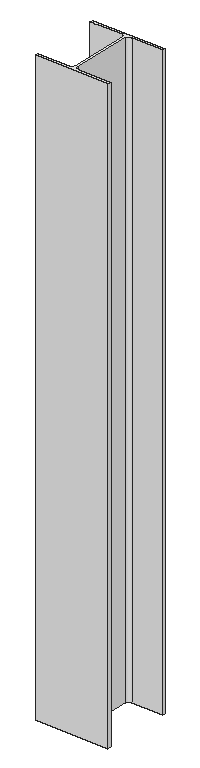
Revit family "PAU-Pilar de arrimo universal-Coluna", category Pilares estruturais, Revit 2019
Family settings
  Forma do corte = Não definido
  Material para o comportamento do modelo = Aço
  Exportar sempre como geometria = Não
  Redução da viga na planta = Da caixa de vinculação
  Número OmniClass = 23.25.30.11.14.11
  Título OmniClass = Columns
  ID de item do Seek = UBP-Universal Bearing Pile-Column-0000-CAN-ENU
  Corte com vazios quando carregada = Não
  Representação simbólica = Das configurações de projeto
  Compartilhado = Não
  Exibir o pré-corte da família na vista da planta = Sim
Parameters (values of type "305x305x79UBP")
  W = 0
  Structural Material [instance] = Aço, 45-345
  Assembly Code = ""
  Ix = 16440
  M = 78.9
  Nominal h = "305"
  Zx = 1099
  b = 306.4 mm
  h = 299.3 mm
  r = 15.2 mm
  s = 11 mm
  t = 11.1 mm
  A = 0.01 m²
Reference planes
  plane 1: y = 0
  plane 2: z = 0
  plane 3: x = 0
  plane 4: x = -153.2
  plane 5: x = 153.2
  plane 6: y = 149.65
  plane 7: y = -149.65
  plane 8: x = -3.969
  plane 9: x = 3.969
Forms (mm)
  Extrusion 1, solid, material "Aço, 45-345" <- "Structural Material", detail levels medium
    sketch origin (0, 0, 0) x (1, 0, 0) y (0, 1, 0)
      loop
        line (-153.2, 149.65) -> (-153.2, 138.55) -> (-5.5, 138.55) -> (-5.5, -138.55) -> (-153.2, -138.55) -> (-153.2, -149.65) -> (153.2, -149.65) -> (153.2, -138.55) -> (5.5, -138.55) -> (5.5, 138.55) -> (153.2, 138.55) -> (153.2, 149.65) -> (-153.2, 149.65)
    from 0 to 2500
  Extrusion 2, solid, material "Aço, 45-345" <- "Structural Material", detail levels fine
    sketch origin (0, 0, 0) x (1, 0, 0) y (0, 1, 0)
      loop
        line (-153.2, 149.65) -> (-153.2, 138.55) -> (-20.7, 138.55)
        arc (-20.7, 138.55) -> (-9.952, 134.098) -> (-5.5, 123.35) r 15.2
        line (-5.5, 123.35) -> (-5.5, -123.35)
        arc (-5.5, -123.35) -> (-9.952, -134.098) -> (-20.7, -138.55) r 15.2
        line (-20.7, -138.55) -> (-153.2, -138.55) -> (-153.2, -149.65) -> (153.2, -149.65) -> (153.2, -138.55) -> (20.7, -138.55)
        arc (20.7, -138.55) -> (9.952, -134.098) -> (5.5, -123.35) r 15.2
        line (5.5, -123.35) -> (5.5, 123.35)
        arc (5.5, 123.35) -> (9.952, 134.098) -> (20.7, 138.55) r 15.2
        line (20.7, 138.55) -> (153.2, 138.55) -> (153.2, 149.65) -> (-153.2, 149.65)
    from 0 to 2500
Lines and regions (mm)
  symbolic lines, style "StructuralColumnStickSymbols", detail levels coarse
    curve 1: line (-153.2, 149.65, 0) -> (153.2, 149.65, 0)
    curve 2: line (-153.2, -149.65, 0) -> (153.2, -149.65, 0)
    curve 3: line (0, 149.65, 0) -> (0, -149.65, 0)
  symbolic lines, style "Faces ocultas", detail levels medium+fine
    curve 4: line (-3.969, 0, 0) -> (-3.969, 0, 2500)
    curve 5: line (3.969, 0, 2500) -> (3.969, 0, 0)
Dimensions and locks
  equal spacing: plane 4, plane 3, plane 5
  equal spacing: plane 7, plane 1, plane 6
  "h": plane 7 to plane 6
  "b": plane 4 to plane 5
  "t": plane 7 to Extrusion 1 sketch curve
  "t": Extrusion 1 sketch curve to plane 6
  equal spacing: Extrusion 1 sketch curve, plane 3, Extrusion 1 sketch curve
  "s": Extrusion 1 sketch curve to Extrusion 1 sketch curve
  "r": radius of Extrusion 2 sketch curve  (x4)
  aligned and locked: plane 6 to Extrusion 1 sketch curve
  aligned and locked: Extrusion 1 sketch curve to plane 7
  aligned and locked: Extrusion 1 sketch curve to plane 4  (x2)
  aligned and locked: plane 5 to Extrusion 1 sketch curve  (x2)
  aligned and locked: Extrusion 1 sketch curve to Extrusion 1 sketch curve  (x2)
  aligned and locked: level to Extrusion 1
  aligned and locked: level to plane 2
  aligned and locked: Extrusion 1 to plane 2
  aligned and locked: plane 6 to Extrusion 2 sketch curve
  aligned and locked: plane 5 to Extrusion 2 sketch curve  (x2)
  aligned and locked: Extrusion 2 sketch curve to plane 4  (x2)
  aligned and locked: Extrusion 2 sketch curve to Extrusion 1  (x6)
  aligned and locked: Extrusion 2 sketch curve to plane 7
  aligned and locked: level to Extrusion 2
  aligned and locked: Extrusion 2 to level
Automatic sketch dimensions
  curve 2 to plane 4 = 0 mm
  curve 1 to plane 4 = 0 mm
  curve 3 to plane 3 = 0 mm
  curve 2 to plane 5 = 0 mm
  curve 1 to plane 5 = 0 mm
  curve 3 to plane 7 = 0 mm
  curve 3 to plane 6 = 0 mm
  curve 4 to level = 0 mm  (x2)
  curve 4 to plane 8 = 0 mm
  curve 5 to level = 0 mm  (x2)
  curve 5 to plane 9 = 0 mm
Types in the file's own list only (16): name | Ix | M | Nominal h | Zx | b | h | r | s | t | A
  356x368x174UBP | 51010 | 173.9 | "356" | 2823 | 379 mm | 361 mm | 15 mm | 20 mm | 20 mm | 0.02 m²
  356x368x152UBP | 43970 | 152 | "356" | 2468 | 376 mm | 356 mm | 15 mm | 18 mm | 18 mm | 0.02 m²
  356x368x133UBP | 37980 | 133 | "356" | 2158 | 374 mm | 352 mm | 15 mm | 16 mm | 16 mm | 0.02 m²
  356x368x109UBP | 30630 | 108.9 | "356" | 1769 | 371 mm | 346 mm | 15 mm | 13 mm | 13 mm | 0.01 m²
  305x305x223UBP | 52700 | 222.9 | "305" | 3119 | 326 mm | 338 mm | 15 mm | 30 mm | 30 mm | 0.03 m²
  305x305x186UBP | 42610 | 186 | "305" | 2596 | 321 mm | 328 mm | 15 mm | 26 mm | 26 mm | 0.02 m²
  305x305x149UBP | 33070 | 149.1 | "305" | 2076 | 316 mm | 319 mm | 15 mm | 21 mm | 21 mm | 0.02 m²
  305x305x126UBP | 27410 | 126.1 | "305" | 1755 | 313 mm | 312 mm | 15 mm | 18 mm | 18 mm | 0.02 m²
  305x305x110UBP | 23560 | 110 | "305" | 1531 | 311 mm | 308 mm | 15 mm | 15 mm | 15 mm | 0.01 m²
  305x305x95UBP | 20040 | 94.9 | "305" | 1320 | 309 mm | 304 mm | 15 mm | 13 mm | 13 mm | 0.01 m²
  305x305x88UBP | 18420 | 88 | "305" | 1221 | 308 mm | 302 mm | 15 mm | 12 mm | 12 mm | 0.01 m²
  254x254x85UBP | 12280 | 85.1 | "254" | 966 | 260 mm | 254 mm | 13 mm | 14 mm | 14 mm | 0.01 m²
  254x254x71UBP | 10070 | 71 | "254" | 807 | 258 mm | 250 mm | 13 mm | 12 mm | 12 mm | 0.01 m²
  254x254x63UBP | 8860 | 63 | "254" | 717 | 257 mm | 247 mm | 13 mm | 11 mm | 11 mm | 0.01 m²
  203x203x54UBP | 5027 | 53.9 | "203" | 493 | 208 mm | 204 mm | 10 mm | 11 mm | 11 mm | 0.01 m²
  203x203x45UBP | 4100 | 44.9 | "203" | 410 | 206 mm | 200 mm | 10 mm | 10 mm | 10 mm | 0.01 m²
